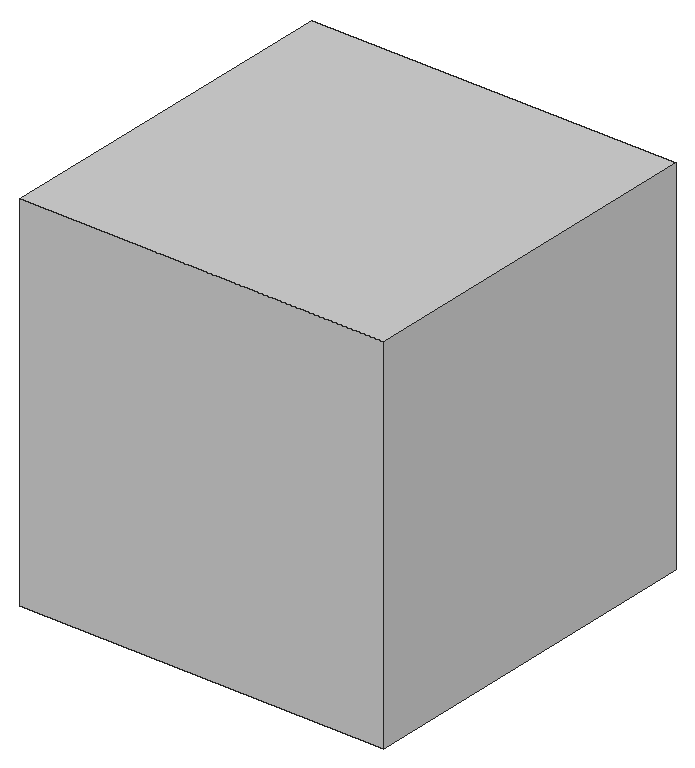
Revit family "LC", category Specialty Equipment, Revit 2012
Parameters (values of type "Laminated Cube (Default)")
  Width = 2' - 0"
  URL = "http://madixinc.com/display/freestanding.html"
  Model = "Laminated Cube"
  Manufacturer = "© 2012 Madix, Inc. All rights reserved."
  Height = 2' - 0"
  Depth = 2' - 0"
Reference planes (in)
  plane 1 "Center (Front/Back)": y = 0
  plane 2: z = 0
  plane 3 "Center (Left/Right)": x = 0
  plane 4: x = -12
  plane 5: x = 12
  plane 6: y = 12
  plane 7: y = -12
  plane 8: z = 24
Forms (in)
  Extrusion 1, solid, material "Metal - Steel"
    sketch origin (0, 0, 0) x (1, 0, 0) y (0, 1, 0)
      loop
        line (-12, 12) -> (-12, -12) -> (12, -12) -> (12, 12) -> (-12, 12)
    from 0 to 24
Dimensions and locks (in)
  "Height": plane 8 to level
  equal spacing: plane 4, plane 3 "Center (Left/Right)", plane 5
  "Width": plane 4 to plane 5
  equal spacing: plane 6, plane 1 "Center (Front/Back)", plane 7
  "Depth": plane 6 to plane 7
  aligned and locked: level to plane 2
Automatic sketch dimensions
  Extrusion 1 sketch curve to plane 4 = 0' - 0"
  Extrusion 1 sketch curve to plane 5 = 0' - 0"
  plane 7 to Extrusion 1 sketch curve = 0' - 0"
  Extrusion 1 sketch curve to plane 6 = 0' - 0"
